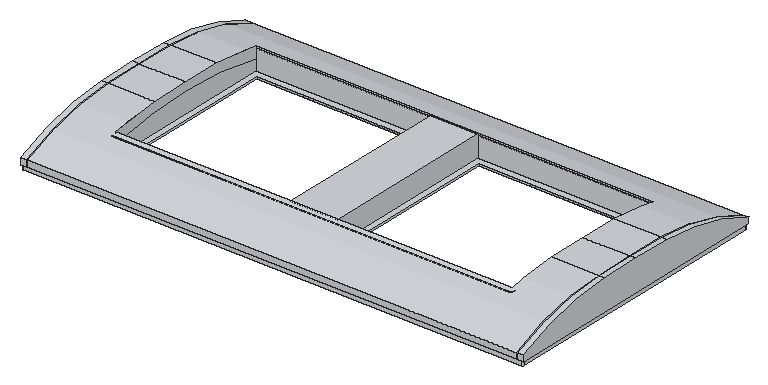
Revit family "Gira_021259", category Electrical Fixtures, host Face, Revit 2017
Family settings
  Host = Face
  Maintain Annotation Orientation = No
  Round Connector Dimension = Use Diameter
  Part Type = Normal
  Cut with Voids When Loaded = No
  Shared = No
  Room Calculation Point = No
Parameters (values of type "Abdeckrahmen 2f Zwischenr. F Alu Gira Event Opak Dklbraun")
  Werkstoffgüte = "Thermoplast"
  Werkstoff = "Kunststoff"
  URL = "http://katalog.gira.de/de_DE/datenblatt.html?artikelnr=021259"
  Transparent = "No"
  Textfeld/Beschriftungsfläche = "No"
  Schutzart (IP) = "IP20"
  Region = "DE"
  Oberfläche = "sonstige"
  Name = "Abdeckrahmen 2f Zwischenr. F Alu Gira Event Opak Dklbraun"
  Montagerichtung = "horizontal und vertikal"
  Mit Montagerahmen = "No"
  Mit Klappdeckel = "No"
  Manufacturer URL = "https://www.gira.de/"
  Keynote = "Event_Rahmen_2fach"
  HeinzeBIM = "https://bimportal.heinze.de/bim/abdeckrahmen-2f-zwischenr-f-alu-gira-event-opak-dklbraun/5926616d75215d4e1b11a50b3ff71ddcb004d1a1"
  Halogenfrei = "Yes"
  HAN = "021259"
  Geeignet für Unterputz-Installation = "Yes"
  Geeignet für Unterflurkanaldose = "No"
  Geeignet für Geräteeinbaukanal = "No"
  Geeignet für Einbauinstallation = "No"
  GTIN = "4010337003434"
  Farbe = "braun"
  Default Elevation = 1219.2 mm
  Data sheet (1) = "https://katalog.gira.de/de_DE/download.html?artikelnr=021259"
  Category = "Abdeckrahmen"
  Befestigungsart = "Klemmbefestigung"
  Available = "Yes"
  Anzahl der Einheiten vertikal = "2 "
  Anzahl der Einheiten horizontal = "2 "
  Anzahl der Einheiten = "2 "
Reference planes
  plane 1 "Center (Front/Back)": y = 0
  plane 2: z = 0
  plane 3 "Center (Left/Right)": x = 0
Forms (mm)
  Extrusion 1, solid, detail levels fine
    sketch origin (0, 0, 0.05) x (0, 1, 0) y (0, 0, 1)
      loop
        arc (12.445, 9.683) -> (6.223, 9.833) -> (0, 9.85) r 291.636
        arc (0, 9.85) -> (-6.223, 9.833) -> (-12.445, 9.683) r 291.636
        arc (-12.445, 9.683) -> (-29.14, 7.482) -> (-45, 1.823) r 79.728
        line (-45, 1.823) -> (-45, -0.05) -> (-42.086, -0.05)
        arc (-42.086, -0.05) -> (-21.385, 5.559) -> (0, 7.206) r 114.424
        arc (0, 7.206) -> (21.385, 5.559) -> (42.086, -0.05) r 114.424
        line (42.086, -0.05) -> (45, -0.05) -> (45, 1.823)
        arc (45, 1.823) -> (29.14, 7.482) -> (12.445, 9.683) r 79.728
    from -78.55 to 78.55
  Extrusion 2, void, detail levels fine
    sketch origin (0, 0, 0) x (1, 0, 0) y (0, 1, 0)
      loop
        line (-63.55, -27.937) -> (63.55, -27.937) -> (63.55, 28.063) -> (-63.55, 28.063) -> (-63.55, -27.937)
    from 0.724 to 11
  Extrusion 3, solid, detail levels coarse
    sketch origin (0, 0, 0) x (1, 0, 0) y (0, 1, 0)
      loop
        line (-80.55, 45) -> (-80.55, -45) -> (80.55, -45) -> (80.55, 45) -> (-80.55, 45)
    from -1.5 to 9.9
  Extrusion 4, solid, detail levels medium
    sketch origin (0, 0, 0.05) x (0, 1, 0) y (0, 0, 1)
      loop
        arc (12.445, 9.683) -> (6.223, 9.833) -> (0, 9.85) r 291.636
        arc (0, 9.85) -> (-6.223, 9.833) -> (-12.445, 9.683) r 291.636
        arc (-12.445, 9.683) -> (-29.14, 7.482) -> (-45, 1.823) r 79.728
        line (-45, 1.823) -> (-45, -0.05) -> (45, -0.05) -> (45, 1.823)
        arc (45, 1.823) -> (29.14, 7.482) -> (12.445, 9.683) r 79.728
    from -80.55 to 80.55
  Extrusion 5, solid, detail levels fine
    sketch origin (-35.55, 0, -1.5) x (0, 1, 0) y (0, 0, -1)
      loop
        line (45, -3.373) -> (45, -1.5) -> (-45, -1.5) -> (-45, -3.373)
        arc (-45, -3.373) -> (-29.14, -9.032) -> (-12.445, -11.233) r 79.728
        arc (-12.445, -11.233) -> (-6.223, -11.383) -> (0, -11.4) r 291.636
        arc (0, -11.4) -> (6.223, -11.383) -> (12.445, -11.233) r 291.636
        arc (12.445, -11.233) -> (29.14, -9.032) -> (45, -3.373) r 79.728
    from 43 to 45
  Extrusion 6, solid, detail levels fine
    sketch origin (0, 0, 0) x (1, 0, 0) y (0, 1, 0)
      loop
        line (-61.45, 25.7) -> (-61.45, -25.7) -> (-9.65, -25.7) -> (-9.65, 25.7) -> (-61.45, 25.7)
      loop
        line (61.45, -25.7) -> (61.45, 25.7) -> (9.65, 25.7) -> (9.65, -25.7) -> (61.45, -25.7)
      loop
        line (-64.445, 28.49) -> (-64.445, -28.495)
        spline (-64.445, -28.495) -> (-64.436, -28.625) -> (-64.411, -28.754) -> (-64.369, -28.878) -> (-64.311, -28.995) -> (-64.238, -29.104) -> (-64.152, -29.202) -> (-64.054, -29.288) -> (-63.945, -29.361) -> (-63.828, -29.419) -> (-63.704, -29.461) -> (-63.575, -29.486) -> (-63.445, -29.495)
        line (-63.445, -29.495) -> (63.445, -29.495)
        spline (63.445, -29.495) -> (63.575, -29.486) -> (63.704, -29.461) -> (63.828, -29.419) -> (63.945, -29.361) -> (64.054, -29.288) -> (64.152, -29.202) -> (64.238, -29.104) -> (64.311, -28.995) -> (64.369, -28.878) -> (64.411, -28.754) -> (64.436, -28.625) -> (64.445, -28.495)
        line (64.445, -28.495) -> (64.445, 28.49)
        spline (64.445, 28.49) -> (64.436, 28.62) -> (64.411, 28.748) -> (64.369, 28.872) -> (64.311, 28.99) -> (64.238, 29.098) -> (64.152, 29.197) -> (64.054, 29.283) -> (63.945, 29.356) -> (63.828, 29.413) -> (63.704, 29.456) -> (63.575, 29.481) -> (63.445, 29.49)
        line (63.445, 29.49) -> (-63.445, 29.49)
        spline (-63.445, 29.49) -> (-63.575, 29.481) -> (-63.704, 29.456) -> (-63.828, 29.413) -> (-63.945, 29.356) -> (-64.054, 29.283) -> (-64.152, 29.197) -> (-64.238, 29.098) -> (-64.311, 28.99) -> (-64.369, 28.872) -> (-64.411, 28.748) -> (-64.436, 28.62) -> (-64.445, 28.49)
    from 0.1 to 7.3
  Extrusion 7, solid
    sketch origin (0, 0, 0) x (1, 0, 0) y (0, 1, 0)
      loop
        arc (-80.25, -44.2) -> (-80.104, -44.554) -> (-79.75, -44.7) r 0.5
        line (-79.75, -44.7) -> (79.75, -44.7)
        arc (79.75, -44.7) -> (80.104, -44.554) -> (80.25, -44.2) r 0.5
        line (80.25, -44.2) -> (80.25, 44.2)
        arc (80.25, 44.2) -> (80.104, 44.554) -> (79.75, 44.7) r 0.5
        line (79.75, 44.7) -> (-79.75, 44.7)
        arc (-79.75, 44.7) -> (-80.104, 44.554) -> (-80.25, 44.2) r 0.5
        line (-80.25, 44.2) -> (-80.25, -44.2)
      loop
        line (-78.55, 43) -> (-78.55, -43) -> (78.55, -43) -> (78.55, 43) -> (-78.55, 43)
    from -1.5 to 0.5
  Extrusion 8, solid, detail levels fine
    sketch origin (35.55, 0, -1.5) x (0, 1, 0) y (0, 0, 1)
      loop
        arc (45, 3.373) -> (29.14, 9.032) -> (12.445, 11.233) r 79.728
        arc (12.445, 11.233) -> (6.223, 11.383) -> (0, 11.4) r 291.636
        arc (0, 11.4) -> (-6.223, 11.383) -> (-12.445, 11.233) r 291.636
        arc (-12.445, 11.233) -> (-29.14, 9.032) -> (-45, 3.373) r 79.728
        line (-45, 3.373) -> (-45, 1.5) -> (45, 1.5) -> (45, 3.373)
    from 43 to 45
  Extrusion 9, solid, detail levels medium
    sketch origin (0, 0, 0) x (1, 0, 0) y (0, 1, 0)
      loop
        line (-80.25, -44.7) -> (80.25, -44.7) -> (80.25, 44.7) -> (-80.25, 44.7) -> (-80.25, -44.7)
    from -1.5 to 0.5
  Extrusion 10, solid, detail levels fine
    sketch origin (0, 0, 0) x (1, 0, 0) y (0, 1, 0)
      loop
        line (-7.55, 28.063) -> (-7.55, -27.937) -> (7.55, -27.937) -> (7.55, 28.063) -> (-7.55, 28.063)
    from 0.724 to 7.566
Cuts and joins
  Extrusion 2 cuts Extrusion 1
  Extrusion 2 cuts Extrusion 6
Dimensions and locks
  aligned and locked: plane 2 to host face
  aligned and locked: level to host face
